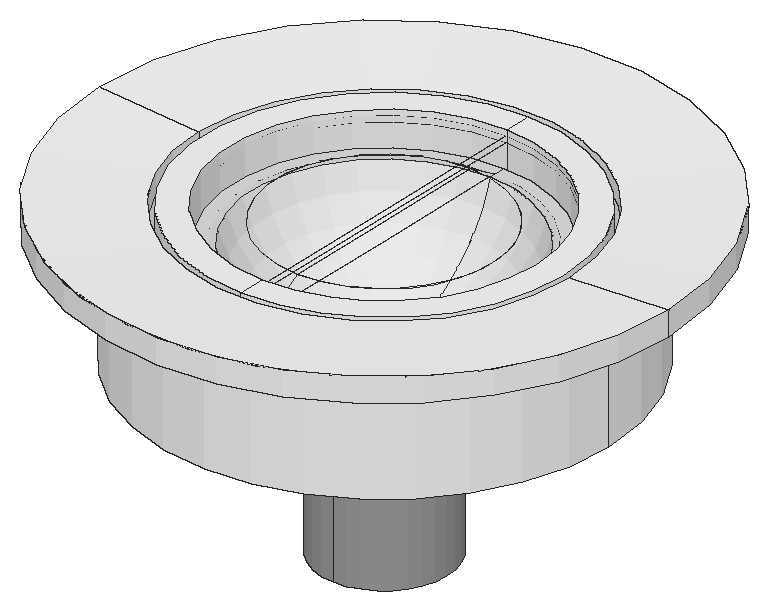
Revit family "3001765 Sylvania Lighting Fixture INS TR IP44 REFLED ES50 36° WH NW DIM", category Lighting Fixtures, host Face, Revit 2016
Family settings
  Host = Face
  Part Type = Normal
  Round Connector Dimension = Use Diameter
  OmniClass Number = 23.80.70.00
  OmniClass Title = Lighting
  Cut with Voids When Loaded = No
  Light Source = No
  Shared = No
  Room Calculation Point = No
Parameters (values of type "3001765 INS TR IP44 REFLED ES50 36° WH NW DIM")
  Weight = "6.72 kg"
  Wattage Comments = ""
  WarrantyStartDate [instance] = "n/a"
  WarrantyGuarantorParts = "n/a"
  WarrantyDurationUnit = "n/a"
  WarrantyDurationParts = "n/a"
  WarrantyDescription = "n/a"
  Voltage = 230 V
  URL = "http://www.sylvania-lighting.com"
  TypeName = "INS TR IP44 REFLED ES50 36° WH NW DIM"
  TypeHead_SYL = Inset Adjustable Head : 3001765 INS TR IP44 REFLED ES50 36° WH NW DIM
  Type Image = <None>
  Type Comments = "n/a"
  TiltAngle_SYL [instance] = 0.00°
  SerialNumber [instance] = "n/a"
  RadiusTrimIn_SYL = if(IP44Version_SYL, 31 mm, 28.5 mm)  # 31 mm
  Material_3_FEILO = none
  PowerFactor = 0
  PowerConsumption = "6 W"
  NominalLength = 95 mm
  NominalHeight = 100 mm
  NominalDepth = 95 mm
  Name = "INS TR IP44 REFLED ES50 36° WH NW DIM"
  ModelReference = Name  # "INS TR IP44 REFLED ES50 36° WH NW DIM"
  ModelNumber = "3001765"
  Model = Name  # "INS TR IP44 REFLED ES50 36° WH NW DIM"
  Material = "aluminium housing, plastic diffuser"
  ManufacturerName = "Feilo Sylvania"
  Manufacturer = "Feilo Sylvania"
  LuminousEfficacy = "57.5 lm/W"
  LuminaireType = ""
  LightOutputRatio = "100"
  LampsType = Lamp  # "LED"
  LampNominalLuminous = "345 lm"
  LampMacAdamStep = "n/a"
  LampColourTemperature = "4000 K"
  LampColourRenderingIndex = "80"
  Lamp = "LED"
  IP44Version_SYL = yes
  Keynote = "16500"
  InstallationDate [instance] = "n/a"
  InputVoltage = "220-240V~"
  InputNominalFrequency = "n/a"
  IngressProtection = "IP20/44"
  ImpactProtectionIndex = "IK02"
  IfcExportType = "IfcLightFixtureType"
  IfcExportAs = "IfcLightFixtureType"
  HeightTrim_SYL = if(IP44Version_SYL, 4 mm, 2.5 mm)  # 4 mm
  ExpectedLife = 50000
  EndAngle_SYL [instance] = TiltAngle_SYL + 180.00°  # 180.00°
  ElectricShockClassification = "n/a"
  DurationUnit = "hours"
  DocumentationLiterature = "http://www.sylvania-lighting.com/product/en-int/products/3001765"
  DimmingControlOptions = "Dimmable"
  Material_2_FEILO = none
  RadiusTrim_SYL = if(IP44Version_SYL, 47.5 mm, 41.5 mm)  # 47.5 mm
  Description = ""
  Default Elevation = 1219.2 mm
  CreatedOn = "6/19/2018"
  CreatedBy = "aron.fodor@sylvania-lighting.com"
  Cost = 0
  built-in parameter 1114216 [instance] = (empty or 0)
  ClassificationValue = "EF_70_80"
  ClassificationName = "Uniclass2015"
  Material_1_FEILO = Body-Sylvania-Inset-White
  BarCode [instance] = "n/a"
  AssetType = "Fixed"
  AssetIdentifier [instance] = "n/a"
  Assembly Code = "D5020200"
  Apparent Load = 6 VA
  Material_4_FEILO = none
Reference planes
  plane 1 "Center (Front/Back)": y = 0
  plane 2: z = 0
  plane 3 "Center (Left/Right)": x = 0
  plane 4: x = -31
  plane 5: x = -37.5
  plane 6: z = -150
  plane 7: x = -47.5
  plane 8: z = 4
  plane 9: z = -20
  plane 10: x = -34.5
  plane 11: z = -3.5
  plane 12: z = 3
Forms (mm)
  Revolve 1, void
    sketch origin (0, 0, 0) x (1, 0, 0) y (0, 0, 1)
      loop
        line (0, 0) -> (-37.5, 0) -> (-37.5, -150) -> (0, -150) -> (0, 0)
      axis (0, 0) -> (0, -150)
    angle from 360 to 0
  Revolve 2, solid, material "Body-Sylvania-Inset-White" <- "Material_1_FEILO"
    sketch origin (0, 0, 0) x (1, 0, 0) y (0, 0, 1)
      loop
        line (-31, 3) -> (-47.5, 4) -> (-47.5, 0) -> (-37.5, 0) -> (-37.5, -20) -> (-34.5, -20) -> (-34.5, 0) -> (-31, 0) -> (-31, 3)
      axis (0, 4) -> (0, -20)
    angle from 360 to 0
  Revolve 3, solid, not visible
    sketch origin (1223.4, -4572, -3.5) x (0, -1, 0) y (1, 0, 0)
      loop
        line (-4572, -1223.4) -> (-4578.789, -1223.4) -> (-4578.789, -1240.239) -> (-4572, -1240.239) -> (-4572, -1223.4)
      axis (-4572, -1223.4) -> (-4572, -1240.239)
    angle from 0 <- "TiltAngle_SYL" to 180 <- "EndAngle_SYL"
Dimensions and locks
  locked: plane 2 to plane 6 at 150
  "HeightTrim_SYL": plane 8 to plane 2
  "RadiusTrim_SYL": plane 3 "Center (Left/Right)" to plane 7
  locked: plane 3 "Center (Left/Right)" to plane 5 at 37.5
  locked: plane 8 to plane 9 at 24
  locked: plane 10 to plane 5 at 3
  "RadiusTrimIn_SYL": plane 3 "Center (Left/Right)" to plane 4
  locked: plane 8 to plane 11 at 7.5
  locked: plane 8 to plane 12 at 1
  aligned and locked: plane 2 to host face
  aligned and locked: level to host face
  aligned and locked: Revolve 1 sketch curve to plane 3 "Center (Left/Right)"
  aligned and locked: level to Revolve 1 sketch curve
  aligned and locked: plane 3 "Center (Left/Right)" to Revolve 1 sketch curve
  aligned and locked: Revolve 1 sketch curve to plane 5
  aligned and locked: Revolve 1 sketch curve to plane 6
  aligned and locked: plane 4 to Revolve 2 sketch curve  (x2)
  aligned and locked: Revolve 2 sketch curve to plane 7
  aligned and locked: Revolve 2 sketch curve to level  (x2)
  aligned and locked: Revolve 2 sketch curve to plane 5
  aligned and locked: plane 9 to Revolve 2 sketch curve
  aligned and locked: plane 10 to Revolve 2 sketch curve
  aligned and locked: Revolve 3 sketch curve to plane 1 "Center (Front/Back)"
  aligned and locked: Revolve 3 sketch curve to Revolve 3 sketch curve
  aligned and locked: plane 3 "Center (Left/Right)" to Revolve 3 sketch curve
  aligned and locked: plane 12 to Revolve 2 sketch curve
  aligned and locked: plane 3 "Center (Left/Right)" to nested 1
Automatic sketch dimensions
  host sketch curve to host sketch curve = 2438.4 mm  (x2)
  Revolve 1 sketch curve to plane 6 = 459.6 mm
  Revolve 1 sketch curve to plane 8 = 2606.558 mm
  Revolve 2 sketch curve to plane 3 "Center (Left/Right)" = 0 mm
  Revolve 2 sketch curve to plane 6 = 459.6 mm
  Revolve 2 sketch curve to plane 8 = 2606.558 mm
  Revolve 3 sketch curve to plane 1 "Center (Front/Back)" = 6.789 mm
  plane 4 to Revolve 3 sketch curve = 14.161 mm
  Revolve 3 sketch curve to plane 7 = 1476.5 mm
  plane 3 "Center (Left/Right)" to Revolve 3 sketch curve = 1524 mm
  Revolve 2 sketch curve to plane 8 = 0 mm
Nested families
  nested 1: "Inset Adjustable Head" at (0, 0, -3.5) x (0, 1, 0) z (0, 0, 1), type <- "TypeHead_SYL", type "3001765 INS TR IP44 REFLED ES50 36° WH NW DIM"
    with built-in parameter 1114216 (empty or 0)
Connectors
  electrical at (0, 0, 0), driven by "Apparent Load", driven by "PowerFactor", driven by "Voltage"
    settings: index 1, voltage 230 V, apparent load 6 VA, apparent load phase1 0 VA, apparent load phase2 0 VA, apparent load phase3 0 VA, power factor 0, load classification "Lighting", number of poles 1, system type 30, power factor state 1, is connector primary yes, connector utility no, sub classification motor no, connector description ""
Definition of nested family "Inset Adjustable Head"
  Parameters (values of type "3001779 INSET TREND SW WH REF SUPV3 40° NW DIM")
    Wattage Comments = "n/a"
    Wattage = 6 W
    built-in parameter 1150110 = 1 (stored number, unit not read)
    URL = "http://www.sylvania-lighting.com"
    Type Image = (empty or 0)
    Type Comments = "n/a"
    built-in parameter 1114217 = 1 (stored number, unit not read)
    Tilt Angle = -90.00°
    built-in parameter 1150109 = 1 (stored number, unit not read)
    built-in parameter 1150134 = 12
    built-in parameter 1150113 = 1 (stored number, unit not read)
    RadiusOut_SYL = if(L_SYL, 30 mm, 27.5 mm)  # 27.5 mm
    Photometric Web File = "0027936.ies"
    Material_5_SYL = none
    Material_3_SYL = none
    Model = "INSET TREND SW WH REF SUPV3 40° NW DIM"
    Manufacturer = "Feilo Sylvania"
    built-in parameter 1150105 = 266.2 (stored number, unit not read)
    Lumens = 414 lm
    built-in parameter 1150115 = 1 (stored number, unit not read)
    built-in parameter 1150137 = (empty or 0)
    built-in parameter 1150139 = (empty or 0)
    built-in parameter 1150112 = 1 (stored number, unit not read)
    built-in parameter 1150114 = 1 (stored number, unit not read)
    Lamp = "LED"
    L_SYL = no
    Keynote = "16500"
    Material_2_SYL = none
    built-in parameter 1150132 = (empty or 0)
    built-in parameter 1150102 = (empty or 0)
    built-in parameter 1150107 = 4000 (stored number, unit not read)
    built-in parameter 1150138 = (empty or 0)
    built-in parameter 1150106 = 2.662 (stored number, unit not read)
    Emit from Circle Diameter = 40 mm
    Emit Shape Visible in Rendering = no
    built-in parameter 1150104 = 6.4103 (stored number, unit not read)
    Dimming Lamp Color Temperature Shift = (empty or 0)
    Description = "GU10 Housing with LED lamp included, Ideal for indoor application, Loop in - loop out box included"
    Default Elevation = 1219.2 mm
    Cost = 0
    Color Filter = 16777215
    built-in parameter 1114216 [instance] = (empty or 0)
    Material_1_SYL = none
    built-in parameter 1114218 = 1 (stored number, unit not read)
    built-in parameter 1150133 = 10 (stored number, unit not read)
    Assembly Code = "D5020200"
    Apparent Load = 6 VA
    Material_4_SYL = none
  Types (16, lengths in mm): name | Wattage | built-in parameter 1150134 | RadiusOut_SYL | Photometric Web File | Model | built-in parameter 1150105 | Lumens | L_SYL | built-in parameter 1150107 | built-in parameter 1150106 | built-in parameter 1150104 | Description | Apparent Load
    3001779 INSET TREND SW WH REF SUPV3 40° NW DIM | 6 W | 12 | 27.5 | "0027936.ies" | "INSET TREND SW WH REF SUPV3 40° NW DIM" | 266.2 (stored number, unit not read) | 414 lm | no | 4000 (stored number, unit not read) | 2.662 (stored number, unit not read) | 6.4103 (stored number, unit not read) | "GU10 Housing with LED lamp included, Ideal for indoor application, Loop in - loop out box included" | 6 VA
    3001778 INSET TREND SW WH REF SUPV3 40° WW DIM | 6 W | (empty or 0) | 27.5 | "0027934.ies" | "INSET TREND SW WH REF SUPV3 40° WW DIM" | 248.03 (stored number, unit not read) | 402 lm | no | 3000 (stored number, unit not read) | 2.4803 (stored number, unit not read) | 6.2245 (stored number, unit not read) | "GU10 Housing with LED lamp included, Ideal for indoor application, Loop in - loop out box included" | 6 VA
    3001775 INSET TREND SW IP44 WH REF SUPV3 40° NW | 5 W | 12 | 30 | "0027930.ies" | "INSET TREND SW IP44 WH REF SUPV3 40° NW" | 244.34 (stored number, unit not read) | 380 lm | yes | 4000 (stored number, unit not read) | 2.4434 (stored number, unit not read) | 7.0606 (stored number, unit not read) | "GU10 Housing with LED lamp included, Ideal for indoor application, Loop in - loop our box included" | 5 VA
    3001774 INSET TREND SW IP44 WH REF SUPV3 40° WW | 5 W | (empty or 0) | 30 | "0027928.ies" | "INSET TREND SW IP44 WH REF SUPV3 40° WW" | 228.29 (stored number, unit not read) | 370 lm | yes | 3000 (stored number, unit not read) | 2.2829 (stored number, unit not read) | 6.8748 (stored number, unit not read) | "GU10 Housing with LED lamp included, Ideal for indoor application, Loop in - loop out box included" | 5 VA
    3001773 INSET TREND SW BA REF SUPV3 40° NW | 5 W | 12 | 27.5 | "0027930.ies" | "INSET TREND SW BA REF SUPV3 40° NW" | 244.34 (stored number, unit not read) | 380 lm | no | 4000 (stored number, unit not read) | 2.4434 (stored number, unit not read) | 7.0606 (stored number, unit not read) | "GU10 Housing with LED lamp included, Ideal for indoor application, Loop in - loop out box included" | 5 VA
    3001772 INSET TREND SW BA REF SUPV3 40° WW | 5 W | (empty or 0) | 27.5 | "0027928.ies" | "INSET TREND SW BA REF SUPV3 40° WW" | 228.29 (stored number, unit not read) | 370 lm | no | 3000 (stored number, unit not read) | 2.2829 (stored number, unit not read) | 6.8748 (stored number, unit not read) | "GU10 Housing with LED lamp included, Ideal for indoor application, Loop in - loop out box included" | 5 VA
    3001771 INSET TREND SW WH REF SUPV3 40°NW | 5 W | 12 | 27.5 | "0027930.ies" | "INSET TREND SW WH REF SUPV3 40°NW" | 244.34 (stored number, unit not read) | 380 lm | no | 4000 (stored number, unit not read) | 2.4434 (stored number, unit not read) | 7.0606 (stored number, unit not read) | "GU10 Housing with LED lamp included, Ideal for indoor application, Loop in - loop out box included" | 5 VA
    3001770 INSET TREND SW WH REF SUPV3 40°WW | 5 W | (empty or 0) | 27.5 | "0027928.ies" | "INSET TREND SW WH REF SUPV3 40°WW" | 228.29 (stored number, unit not read) | 370 lm | no | 3000 (stored number, unit not read) | 2.2829 (stored number, unit not read) | 6.8748 (stored number, unit not read) | "GU10 Housing with LED lamp included, Ideal for indoor application, Loop in - loop out box included" | 5 VA
    3001767 INSTR SW IP44 REFLED BA NW DIM | 6 W | 12 | 30 | "0027928.ies" | "INSTR SW IP44 REFLED BA NW DIM" | 212.87 (stored number, unit not read) | 345 lm | yes | 4000 (stored number, unit not read) | 2.1287 (stored number, unit not read) | 5.3419 (stored number, unit not read) | "" | 6 VA
    3001766 INSTR SW IP44 REFLED BA WW DIM | 6 W | (empty or 0) | 30 | "0027928.ies" | "INSTR SW IP44 REFLED BA WW DIM" | 212.87 (stored number, unit not read) | 345 lm | yes | 3000 (stored number, unit not read) | 2.1287 (stored number, unit not read) | 5.3419 (stored number, unit not read) | "" | 6 VA
    3001765 INS TR IP44 REFLED ES50 36° WH NW DIM | 6 W | 12 | 30 | "0027928.ies" | "INS TR IP44 REFLED ES50 36° WH NW DIM" | 212.87 (stored number, unit not read) | 345 lm | yes | 4000 (stored number, unit not read) | 2.1287 (stored number, unit not read) | 5.3419 (stored number, unit not read) | "" | 6 VA
    3001764 INS TR IP44 REFLED ES50 36° WH WW DIM | 6 W | (empty or 0) | 30 | "0027928.ies" | "INS TR IP44 REFLED ES50 36° WH WW DIM" | 212.87 (stored number, unit not read) | 345 lm | yes | 3000 (stored number, unit not read) | 2.1287 (stored number, unit not read) | 5.3419 (stored number, unit not read) | "" | 6 VA
    3001763 INS TR SW REFLED ES50 36° BA NW DIM | 6 W | 12 | 27.5 | "0027928.ies" | "INS TR SW REFLED ES50 36° BA NW DIM" | 212.87 (stored number, unit not read) | 345 lm | no | 4000 (stored number, unit not read) | 2.1287 (stored number, unit not read) | 5.3419 (stored number, unit not read) | "" | 6 VA
    3001762 INS TR SW REFLED ES50 36° BN WW DIM | 6 W | (empty or 0) | 27.5 | "0027928.ies" | "INS TR SW REFLED ES50 36° BN WW DIM" | 212.87 (stored number, unit not read) | 345 lm | no | 3000 (stored number, unit not read) | 2.1287 (stored number, unit not read) | 5.3419 (stored number, unit not read) | "" | 6 VA
    3001761 INS TR SW REFLED ES50 36° WH NW DIM | 6 W | 12 | 27.5 | "0027928.ies" | "INS TR SW REFLED ES50 36° WH NW DIM" | 212.87 (stored number, unit not read) | 345 lm | no | 4000 (stored number, unit not read) | 2.1287 (stored number, unit not read) | 5.3419 (stored number, unit not read) | "" | 6 VA
    3001760 INS TR SW REFLED ES50 36° WH WW DIM | 6 W | (empty or 0) | 27.5 | "0027928.ies" | "INS TR SW REFLED ES50 36° WH WW DIM" | 212.87 (stored number, unit not read) | 345 lm | no | 3000 (stored number, unit not read) | 2.1287 (stored number, unit not read) | 5.3419 (stored number, unit not read) | "" | 6 VA
  Reference planes
    plane 1 "Center (Front/Back)": y = 0
    plane 2: z = 0
    plane 3 "Center (Left/Right)": x = 0
    plane 4: x = -25
    plane 5: x = -22
    plane 6: x = -25.5
    plane 7: x = -27.5
    plane 8: z = -15.5
    plane 9: z = 6.5
    plane 10: z = 1
    plane 11: z = 4
    plane 12: x = -18
    plane 13: z = -0.8
    plane 14: x = -23
    plane 15: z = -45.3
    plane 16: z = -23.6
    plane 17: x = -10.5
    plane 18: z = 5.656
    plane 19: z = 4.656
  Forms (mm)
    Extrusion 1, solid
      sketch origin (4.2, 0, 0) x (1, 0, 0) y (0, 1, 0)
        loop
          line (-1219.2, 1219.2) -> (-1219.2, -1219.2) -> (1219.2, -1219.2) -> (1219.2, 1219.2) -> (-1219.2, 1219.2)
      from 0 to -68.017
    Revolve 2, solid, material <- "Material_4_SYL"
      sketch origin (0, 0, 0) x (1, 0, 0) y (0, 0, 1)
        loop
          line (-27.5, 6.5) -> (-27.5, -15.5) -> (-25.5, -15.5) -> (-25.5, 6.5) -> (-27.5, 6.5)
        axis (0, 6.5) -> (0, -15.5)
      angle from 360 to 0
    Revolve 3, solid
      sketch origin (0, 0, 0) x (1, 0, 0) y (0, 0, 1)
        loop
          line (-22, 1) -> (-25, 1) -> (-25, -0.8) -> (-23, -0.8)
          arc (-23, -0.8) -> (-19.516, -12.494) -> (-12.128, -22.205) r 34
          arc (-12.128, -22.205) -> (-10.925, -23.879) -> (-10.5, -25.897) r 5
          line (-10.5, -25.897) -> (-10.5, -45.3) -> (0, -45.3) -> (0, -15.5)
          arc (0, -15.5) -> (-13.75, -10.917) -> (-22, 1) r 22.917
        axis (0, 1) -> (0, -45.3)
      angle from 360 to 0
    Revolve 4, solid, material <- "Material_2_SYL"
      sketch origin (0, 0, 0) x (1, 0, 0) y (0, 0, 1)
        loop
          line (-23, 1) -> (0, 1) -> (0, 4) -> (-18, 4) -> (-23, 1)
        axis (0, 4) -> (0, 1)
      angle from 360 to 0
    Revolve 5, solid, material <- "Material_2_SYL", visible <- "L_SYL"
      sketch origin (0, 0, 0) x (1, 0, 0) y (0, 0, 1)
        loop
          line (-25.5, 5.656) -> (-25.5, 4.656) -> (0, 4.656) -> (0, 5.656) -> (-25.5, 5.656)
        axis (0, 5.656) -> (0, 4.656)
      angle from 360 to 0
  Dimensions and locks
    locked: plane 2 to plane 8 at 15.5
    locked: plane 9 to plane 8 at 22
    "RadiusOut_SYL": plane 3 "Center (Left/Right)" to plane 7
    locked: plane 3 "Center (Left/Right)" to plane 4 at 25
    locked: plane 9 to plane 10 at 5.5
    locked: plane 11 to plane 10 at 3
    locked: plane 12 to plane 5 at 4
    locked: plane 10 to plane 13 at 1.8
    locked: plane 14 to plane 4 at 2
    locked: plane 11 to plane 16 at 27.6
    locked: plane 11 to plane 15 at 49.3
    locked: plane 3 "Center (Left/Right)" to plane 17 at 10.5
    locked: plane 5 to plane 4 at 3
    locked: plane 3 "Center (Left/Right)" to plane 6 at 25.5
    locked: plane 18 to plane 19 at 1
    locked: plane 9 to plane 18 at 0.844
    radius of Revolve 3 sketch curve = 34 mm
    radius of Revolve 3 sketch curve = 22.917 mm
    aligned and locked: plane 2 to Extrusion 1
    aligned and locked: level to Extrusion 1
    aligned and locked: Revolve 2 sketch curve to plane 3 "Center (Left/Right)"
    aligned and locked: Revolve 2 sketch curve to plane 9
    aligned and locked: plane 7 to Revolve 2 sketch curve
    aligned and locked: plane 8 to Revolve 2 sketch curve
    aligned and locked: Revolve 2 sketch curve to plane 6
    aligned and locked: Revolve 3 sketch curve to plane 3 "Center (Left/Right)"  (x2)
    aligned and locked: plane 10 to Revolve 3 sketch curve
    aligned and locked: Revolve 3 sketch curve to plane 4
    aligned and locked: plane 14 to Revolve 3 sketch curve
    aligned and locked: Revolve 3 sketch curve to plane 13
    aligned and locked: plane 15 to Revolve 3 sketch curve
    aligned and locked: Revolve 3 sketch curve to plane 17
    aligned and locked: plane 5 to Revolve 3 sketch curve
    aligned and locked: Revolve 4 sketch curve to plane 3 "Center (Left/Right)"  (x2)
    aligned and locked: plane 14 to Revolve 4 sketch curve
    aligned and locked: plane 12 to Revolve 4 sketch curve
    aligned and locked: Revolve 4 sketch curve to plane 11
    aligned and locked: Revolve 4 sketch curve to plane 10
    aligned and locked: plane 11 to imposter light
    aligned and locked: Revolve 5 sketch curve to plane 3 "Center (Left/Right)"  (x2)
    aligned and locked: Revolve 5 sketch curve to plane 18
    aligned and locked: plane 6 to Revolve 5 sketch curve
    aligned and locked: plane 19 to Revolve 5 sketch curve
  Automatic sketch dimensions
    Extrusion 1 sketch curve to Extrusion 1 sketch curve = 2438.4 mm  (x2)
    Revolve 2 sketch curve to plane 15 = 564.3 mm
    plane 9 to Revolve 2 sketch curve = 2602.558 mm
    plane 12 to Revolve 3 sketch curve = 2.5 mm
    Revolve 3 sketch curve to plane 11 = 1.097 mm
    Revolve 3 sketch curve to plane 16 = 2.297 mm
    Revolve 3 sketch curve to plane 15 = 564.3 mm
    Revolve 3 sketch curve to Revolve 3 sketch curve = 2601.641 mm
    Revolve 4 sketch curve to plane 15 = 564.3 mm
    plane 9 to Revolve 4 sketch curve = 2602.558 mm
    Revolve 5 sketch curve to plane 15 = 564.3 mm
    plane 9 to Revolve 5 sketch curve = 2602.558 mm
